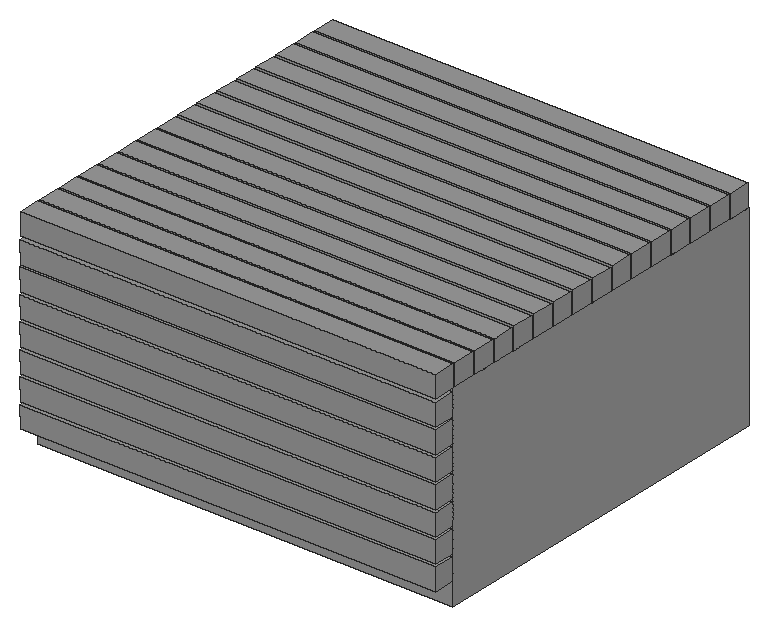
Revit family "Скамейка стальная модульная «Таймс-Сквер» Арт 20472", category Антураж, Revit 2018
Family settings
  На основе рабочей плоскости = Нет
  Всегда вертикально = Да
  При загрузке вырезать с полостями = Нет
  Источник визуального образа = Геометрия семейства
  Общий = Нет
  Точка расчета площади = Нет
Parameters (values of type "Скамейка стальная модульная «Таймс-Сквер»")
  Ширина = 850 mm  # constant formula
  Цвет опоры = Сталь
  Цвет лавки = Дерево
  Описание = "Скамейка стальная модульная «Таймс-Сквер»"  # constant formula
  Материал изделия = "Сталь, дерево"  # constant formula
  Изображение типоразмера = Скамейка стальная модульная «Таймс-Сквер» Арт 20472.jpg
  Изготовитель = "ООО «Хоббика»"  # constant formula
  Длина = 800 mm  # constant formula
  Группа модели = "Скамейки"  # constant formula
  Высота = 445 mm  # constant formula
  Артикул товара = "Арт. 20472"  # constant formula
  URL = "https://hobbyka.ru/product/skamya_square/"
Reference planes
  plane 1 "По центру (Вперед/Назад)": y = 0
  plane 2: z = 0
  plane 3 "По центру (Влево/Вправо)": x = 0
  plane 4: x = 850
  plane 5: y = 800
  plane 6: z = 445
Forms (mm)
  Extrusion 1, solid, material "Дерево" <- "Цвет лавки"
    sketch origin (0, 0, 0) x (0, 1, 0) y (0, 0, 1)
      loop
        line (0, 445) -> (0, 400) -> (45, 400) -> (45, 445) -> (0, 445)
      loop
        line (50.3, 445) -> (50.3, 400) -> (95.3, 400) -> (95.3, 445) -> (50.3, 445)
      loop
        line (100.6, 445) -> (100.6, 400) -> (145.6, 400) -> (145.6, 445) -> (100.6, 445)
      loop
        line (150.9, 445) -> (150.9, 400) -> (195.9, 400) -> (195.9, 445) -> (150.9, 445)
      loop
        line (201.2, 445) -> (201.2, 400) -> (246.2, 400) -> (246.2, 445) -> (201.2, 445)
      loop
        line (251.5, 445) -> (251.5, 400) -> (296.5, 400) -> (296.5, 445) -> (251.5, 445)
      loop
        line (301.8, 445) -> (301.8, 400) -> (346.8, 400) -> (346.8, 445) -> (301.8, 445)
      loop
        line (352.1, 445) -> (352.1, 400) -> (397.1, 400) -> (397.1, 445) -> (352.1, 445)
      loop
        line (402.4, 445) -> (402.4, 400) -> (447.4, 400) -> (447.4, 445) -> (402.4, 445)
      loop
        line (452.7, 445) -> (452.7, 400) -> (497.7, 400) -> (497.7, 445) -> (452.7, 445)
      loop
        line (503, 445) -> (503, 400) -> (548, 400) -> (548, 445) -> (503, 445)
      loop
        line (553.3, 445) -> (553.3, 400) -> (598.3, 400) -> (598.3, 445) -> (553.3, 445)
      loop
        line (603.6, 445) -> (603.6, 400) -> (648.6, 400) -> (648.6, 445) -> (603.6, 445)
      loop
        line (653.9, 445) -> (653.9, 400) -> (698.9, 400) -> (698.9, 445) -> (653.9, 445)
      loop
        line (704.2, 445) -> (704.2, 400) -> (749.2, 400) -> (749.2, 445) -> (704.2, 445)
      loop
        line (754.5, 445) -> (754.5, 400) -> (799.5, 400) -> (799.5, 445) -> (754.5, 445)
      loop
        line (45, 393.45) -> (0, 393.45) -> (0, 348.45) -> (45, 348.45) -> (45, 393.45)
      loop
        line (45, 343.15) -> (0, 343.15) -> (0, 298.15) -> (45, 298.15) -> (45, 343.15)
      loop
        line (45, 292.85) -> (0, 292.85) -> (0, 247.85) -> (45, 247.85) -> (45, 292.85)
      loop
        line (45, 242.55) -> (0, 242.55) -> (0, 197.55) -> (45, 197.55) -> (45, 242.55)
      loop
        line (45, 192.25) -> (0, 192.25) -> (0, 147.25) -> (45, 147.25) -> (45, 192.25)
      loop
        line (45, 141.95) -> (0, 141.95) -> (0, 96.95) -> (45, 96.95) -> (45, 141.95)
      loop
        line (45, 91.65) -> (0, 91.65) -> (0, 46.65) -> (45, 46.65) -> (45, 91.65)
    from 0 to 850
  Extrusion 2, solid, material "Сталь" <- "Цвет опоры"
    sketch origin (0, 0, 0) x (0, 1, 0) y (0, 0, 1)
      loop
        line (45, 400) -> (45, 0) -> (800, 0) -> (800, 400) -> (45, 400)
    from 0 to 850
Dimensions and locks
  "Длина": plane 5 to plane 1 "По центру (Вперед/Назад)"
  "Ширина": plane 3 "По центру (Влево/Вправо)" to plane 4
  plane 6 to level = 445 mm
  aligned and locked: level to plane 2
  aligned and locked: plane 4 to Extrusion 1
  aligned and locked: Extrusion 1 to plane 3 "По центру (Влево/Вправо)"
  aligned and locked: plane 4 to Extrusion 2
  aligned and locked: Extrusion 2 to plane 3 "По центру (Влево/Вправо)"
Automatic sketch dimensions
  Extrusion 1 sketch curve to plane 1 "По центру (Вперед/Назад)" = 0 mm
  Extrusion 1 sketch curve to plane 6 = 0 mm  (x16)
  plane 1 "По центру (Вперед/Назад)" to Extrusion 1 sketch curve = 0 mm  (x7)
  Extrusion 1 sketch curve to plane 1 "По центру (Вперед/Назад)" = 45 mm
  Extrusion 1 sketch curve to Extrusion 1 sketch curve = 0 mm  (x16)
  Extrusion 1 sketch curve to Extrusion 1 sketch curve = 5.3 mm  (x21)
  Extrusion 1 sketch curve to Extrusion 1 sketch curve = 45 mm  (x28)
  Extrusion 1 sketch curve to plane 5 = 0.5 mm
  Extrusion 1 sketch curve to Extrusion 1 sketch curve = 6.55 mm
  Extrusion 2 sketch curve to level = 0 mm
  Extrusion 2 sketch curve to plane 5 = 0 mm
  Extrusion 2 sketch curve to plane 1 "По центру (Вперед/Назад)" = 45 mm
  Extrusion 2 sketch curve to plane 6 = 45 mm
